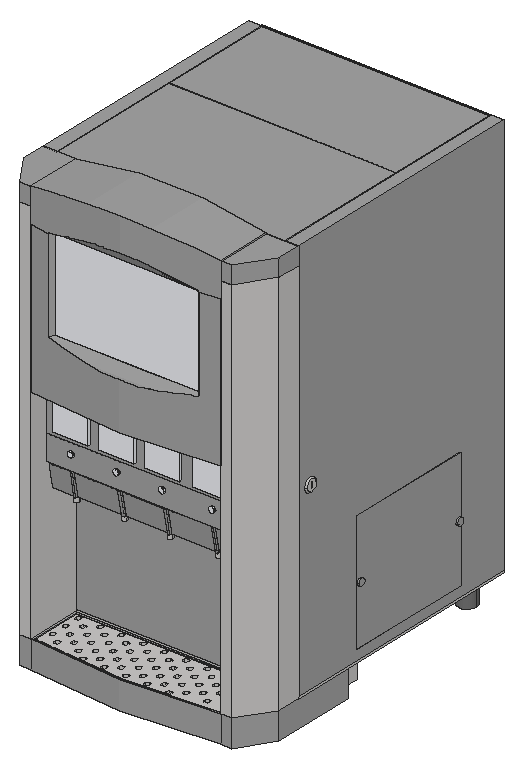
Revit family "QF_ELECTROLUXPROFESSIONAL_560057_FJUICEUK", category Specialty Equipment, Revit 2018
Family settings
  Round Connector Dimension = Use Diameter
  Part Type = Normal
  Work Plane-Based = No
  Always vertical = Yes
  Cut with Voids When Loaded = No
  Shared = No
  Room Calculation Point = No
Parameters (values of type "QF_ELECTROLUX_560057_FJUICEUK.rfa")
  Weight = 50.00 kg
  Watts = 0 W
  Volts = 230 V
  URL Manufacturer = "http://professional.electrolux.com"
  URL = "http://professional.electrolux.com"
  Steam Supply Size = 0 mm
  Steam Supply Minimum Pressure = 0.0 Pa
  Steam Supply Maximum Pressure = 0.0 Pa
  Steam Pounds per Hour = 0
  Refrigeration Suction Line Size = 0 mm
  Refrigeration Liquid Line Size = 0 mm
  Refrigerant Compressor Remote = yes
  Manufacturer = "Electrolux"
  Phase = 1
  Model = "FJUICEUK"
  Length Actual = 475 mm  # constant formula
  Item Number = "560057"
  Hot Water Size = 0 mm
  Height Actual = 820 mm  # constant formula
  HP = "0.7 HP"
  Gas Size = 0 mm
  Gas KW = 0
  Gas Input Pressure = 0 W
  Direct Waste Size = 0 mm
  Description = "LIQUID CONCENTRATE DISPENSER - UK"
  Depth Actual = 600 mm  # constant formula
  Cycle = 50 Hz
  Condensate Return Size = 0 mm
  Compressed Air Volume = 0.0 L/s
  Compressed Air Size = 0 mm
  Compressed Air Pressure = 0.0 Pa
  Cold Water Size = 0 mm
  Accessory = yes
Reference planes
  plane 1 "Center (Front/Back)": y = 0
  plane 2: z = 0
  plane 3 "Center (Left/Right)": x = 0
  plane 4 "BASE": z = 51
  plane 5 "TOP": z = 826
  plane 6 "FRONT": y = -299
  plane 7 "BACK": y = 299
  plane 8 "LEFT": x = -237.5
  plane 9 "RIGHT": x = 237.5
  plane 10: z = 806
Forms (mm)
  Extrusion 1, solid, material "QF_Finishes_Stainless Steel"
    sketch origin (0, 0, 51) x (-1, 0, 0) y (0, -1, 0)
      loop
        line (237.5, -299) -> (237.5, 179) -> (-237.5, 179) -> (-237.5, -299) -> (237.5, -299)
    from 0 to 3
  Extrusion 2, solid, material "QF_Finishes_Rubber Black"
    sketch origin (20.5, 0, 51) x (-1, 0, 0) y (0, -1, 0)
      loop
        circle (216.5, -266) r 17
    from 0 to -51
  Extrusion 3, solid, material "QF_Finishes_Rubber Black"
    sketch origin (-20.5, 0, 51) x (1, 0, 0) y (0, 1, 0)
      loop
        circle (216.5, 266) r 17
    from 0 to -51
  Extrusion 4, solid, material "QF_Finishes_Stainless Steel"
    sketch origin (0, 0, 51) x (-1, 0, 0) y (0, -1, 0)
      loop
        line (-215, 15) -> (215, 15) -> (215, 40)
        arc (215, 40) -> (207.678, 57.678) -> (190, 65) r 25
        line (190, 65) -> (-190, 65)
        arc (-190, 65) -> (-207.678, 57.678) -> (-215, 40) r 25
        line (-215, 40) -> (-215, 15)
    from -48 to 0
  Extrusion 5, solid, material "QF_Finishes_Rubber Black"
    sketch origin (0, 0, 51) x (-1, 0, 0) y (0, -1, 0)
      loop
        circle (190, 40) r 15
      loop
        circle (-190, 40) r 15
    from -51 to -48
  Extrusion 6, solid, material "QF_Finishes_Gray"
    sketch origin (0, -299, 0) x (-1, 0, 0) y (0, 0, 1)
      loop
        arc (177.5, 806.558) -> (0, 826) -> (-177.5, 806.558) r 820
        line (-177.5, 806.558) -> (-177.5, 463.74) -> (177.5, 463.74) -> (177.5, 806.558)
    from 120 to 0
  Extrusion 7, solid, material "QF_Finishes_Stainless Steel"
    sketch origin (0, 0, 51) x (-1, 0, 0) y (0, -1, 0)
      loop
        line (177.5, 179) -> (237.5, 179) -> (237.5, 224) -> (197.5, 284) -> (177.5, 284) -> (177.5, 179)
      loop
        line (-177.5, 179) -> (-177.5, 284) -> (-197.5, 284) -> (-237.5, 224) -> (-237.5, 179) -> (-177.5, 179)
    from 0 to 722.667
  Extrusion 8, solid, material "QF_Finishes_Gray"
    sketch origin (0, 0, 51) x (-1, 0, 0) y (0, -1, 0)
      loop
        line (237.5, 65) -> (237.5, 224) -> (197.5, 284) -> (177.5, 284)
        arc (177.5, 284) -> (0, 299) -> (-177.5, 284) r 1057.708
        line (-177.5, 284) -> (-197.5, 284) -> (-237.5, 224) -> (-237.5, 65) -> (237.5, 65)
    from 0 to -51
  Extrusion 9, solid, material "QF_Finishes_Gray"
    sketch origin (0, 0, 51) x (-1, 0, 0) y (0, -1, 0)
      loop
        line (237.5, 179) -> (212.5, 179) -> (212.5, -299) -> (237.5, -299) -> (237.5, 179)
      loop
        line (-237.5, 179) -> (-237.5, -299) -> (-212.5, -299) -> (-212.5, 179) -> (-237.5, 179)
    from 0 to 755
  Extrusion 10, solid, material "QF_Finishes_Gray"
    sketch origin (0, 0, 51) x (-1, 0, 0) y (0, -1, 0)
      loop
        line (212.5, 179) -> (-212.5, 179) -> (-212.5, -81.026) -> (212.5, -81.026) -> (212.5, 179)
    from 0 to 755
  Extrusion 11, solid, material "QF_Finishes_Gray"
    sketch origin (0, 0, 51) x (-1, 0, 0) y (0, -1, 0)
      loop
        line (212.5, -81.026) -> (-212.5, -81.026) -> (-212.5, -297.4) -> (212.5, -297.4) -> (212.5, -81.026)
    from 0 to 755
  Blend 12, void
    base sketch origin (0, -299, 0) x (-1, 0, 0) y (0, 0, 1)
      loop
        arc (150.321, 747.553) -> (0, 763.699) -> (-150.321, 747.553) r 707.814
        line (-150.321, 747.553) -> (-150.321, 567.553)
        arc (-150.321, 567.553) -> (0, 551.407) -> (150.321, 567.553) r 707.814
        line (150.321, 567.553) -> (150.321, 747.553)
    top sketch origin (0, -299, 0) x (-1, 0, 0) y (0, 0, 1)
      loop
        line (133.241, 743.378) -> (-133.241, 743.378) -> (-133.241, 573.378) -> (133.241, 573.378) -> (133.241, 743.378)
    from 0 to 15
  Extrusion 13, void
    sketch origin (0, 0, 51) x (-1, 0, 0) y (0, -1, 0)
      loop
        line (197.5, 284) -> (197.5, 304) -> (-197.5, 304) -> (-197.5, 284) -> (-177.5, 284)
        arc (-177.5, 284) -> (0, 299) -> (177.5, 284) r 1057.708
        line (177.5, 284) -> (197.5, 284)
    from 412.74 to 692.378
  Extrusion 14, void
    sketch origin (0, 0, 51) x (-1, 0, 0) y (0, -1, 0)
      loop
        line (197.5, 284) -> (197.5, 304) -> (-197.5, 304) -> (-197.5, 284) -> (-177.5, 284)
        arc (-177.5, 284) -> (0, 299) -> (177.5, 284) r 1057.708
        line (177.5, 284) -> (197.5, 284)
    from 692.378 to 778.831
  Extrusion 15, solid, material "QF_Finishes_Gray"
    sketch origin (0, 0, 51) x (-1, 0, 0) y (0, -1, 0)
      loop
        line (177.5, 179) -> (237.5, 179) -> (237.5, 224) -> (197.5, 284) -> (177.5, 284) -> (177.5, 179)
      loop
        line (-177.5, 179) -> (-177.5, 284) -> (-197.5, 284) -> (-237.5, 224) -> (-237.5, 179) -> (-177.5, 179)
    from 722.667 to 755
  Extrusion 16, solid, material "QF_Finishes_White"
    sketch origin (0, -299, 0) x (-1, 0, 0) y (0, 0, 1)
      loop
        line (160, 463.74) -> (95, 463.74) -> (95, 388.74) -> (160, 388.74) -> (160, 463.74)
      loop
        line (75, 463.74) -> (10, 463.74) -> (10, 388.74) -> (75, 388.74) -> (75, 463.74)
      loop
        line (-165, 463.74) -> (-165, 388.74) -> (-100, 388.74) -> (-100, 463.74) -> (-165, 463.74)
      loop
        line (-75, 463.74) -> (-75, 388.74) -> (-10, 388.74) -> (-10, 463.74) -> (-75, 463.74)
    from 46.042 to 50.196
  Extrusion 17, solid, material "QF_Finishes_Gray"
    sketch origin (0, -299, 0) x (-1, 0, 0) y (0, 0, 1)
      loop
        line (177.5, 379.969) -> (-177.5, 379.969) -> (-177.5, 332.289) -> (177.5, 332.289) -> (177.5, 379.969)
    from 50.196 to 75
  Extrusion 18, solid, material "QF_Finishes_Gray"
    sketch origin (0, -299, 0) x (-1, 0, 0) y (0, 0, 1)
      loop
        line (177.5, 463.74) -> (-177.5, 463.74) -> (-177.5, 379.969) -> (177.5, 379.969) -> (177.5, 463.74)
    from 50.196 to 75
  Extrusion 19, solid, material "QF_Finishes_Gray"
    sketch origin (0, 0, 0) x (0, 1, 0) y (0, 0, 1)
      loop
        line (-246.08, 327.107) -> (-237.368, 282.289) -> (-231.177, 282.289) -> (-239.889, 327.107) -> (-246.08, 327.107)
    from -177.5 to 177.5
  Extrusion 20, void
    sketch origin (0, 0, 0) x (0, 1, 0) y (0, 0, 1)
      loop
        line (-246.08, 327.107) -> (-237.368, 282.289) -> (-234.273, 282.289) -> (-242.984, 327.107) -> (-246.08, 327.107)
    from -177.5 to -133.5
  Extrusion 21, void
    sketch origin (0, 0, 0) x (0, 1, 0) y (0, 0, 1)
      loop
        line (-246.08, 327.107) -> (-237.368, 282.289) -> (-234.273, 282.289) -> (-242.984, 327.107) -> (-246.08, 327.107)
    from -130 to -45
  Extrusion 22, void
    sketch origin (0, 0, 0) x (0, 1, 0) y (0, 0, 1)
      loop
        line (-246.08, 327.107) -> (-237.368, 282.289) -> (-234.273, 282.289) -> (-242.984, 327.107) -> (-246.08, 327.107)
    from -40 to 40
  Extrusion 23, void
    sketch origin (0, 0, 0) x (0, 1, 0) y (0, 0, -1)
      loop
        line (-246.08, -327.107) -> (-242.984, -327.107) -> (-234.273, -282.289) -> (-237.368, -282.289) -> (-246.08, -327.107)
    from -177.5 to -133.5
  Extrusion 24, void
    sketch origin (0, 0, 0) x (0, 1, 0) y (0, 0, -1)
      loop
        line (-246.08, -327.107) -> (-242.984, -327.107) -> (-234.273, -282.289) -> (-237.368, -282.289) -> (-246.08, -327.107)
    from -130 to -45
  Extrusion 25, solid, material "QF_Finishes_Stainless Steel"
    sketch origin (0, 8.712, 51) x (-1, 0, 0) y (0, -1, 0)
      loop
        circle (131.75, 241.724) r 4.356
      loop
        circle (42.5, 241.724) r 4.356
      loop
        circle (-42.5, 241.724) r 4.356
      loop
        circle (-131.75, 241.724) r 4.356
    from 223.9 to 231.289
  Extrusion 26, solid, material "QF_Finishes_White"
    sketch origin (0, -299, 0) x (-1, 0, 0) y (0, 0, 1)
      loop
        circle (130, 360.84) r 5
      loop
        circle (45, 360.84) r 5
      loop
        circle (-40, 360.84) r 5
      loop
        circle (-133.5, 360.84) r 5
    from 48 to 50.196
  Extrusion 27, void
    sketch origin (0, 0, 51) x (-1, 0, 0) y (0, -1, 0)
      loop
        arc (172.5, 279.771) -> (0, 294) -> (-172.5, 279.771) r 1052.708
        line (-172.5, 279.771) -> (-172.5, 184) -> (172.5, 184) -> (172.5, 279.771)
    from -37.34 to 6.091
  Extrusion 28, solid, material "QF_Finishes_Stainless Steel"
    sketch origin (0, 0, 51) x (-1, 0, 0) y (0, -1, 0)
      loop
        line (-172.5, 184) -> (172.5, 184) -> (172.5, 279.771)
        arc (172.5, 279.771) -> (0, 294) -> (-172.5, 279.771) r 1052.708
        line (-172.5, 279.771) -> (-172.5, 184)
    from 0 to -6.446
  Extrusion 29, solid, material "QF_Finishes_White"
    sketch origin (0, 0, 51) x (1, 0, 0) y (0, 1, 0)
      loop
        circle (-114.17, 0) r 12.35
    from 0 to -8.697
  Extrusion 30, solid, material "QF_Finishes_White"
    sketch origin (0, 0, 51) x (1, 0, 0) y (0, 1, 0)
      loop
        circle (-201.135, 230.454) r 12.35
    from 0 to -6.446
  Extrusion 31, void
    sketch origin (0, 0, 51) x (-1, 0, 0) y (0, -1, 0)
      loop
        circle (0, 193.846) r 5
      loop
        circle (0, 223.846) r 5
      loop
        circle (0, 253.846) r 5
      loop
        circle (0, 283.846) r 5
      loop
        circle (20, 208.846) r 5
      loop
        circle (20, 238.846) r 5
      loop
        circle (20, 268.846) r 5
      loop
        circle (40, 193.846) r 5
      loop
        circle (40, 223.846) r 5
      loop
        circle (40, 253.846) r 5
      loop
        circle (40, 283.846) r 5
      loop
        circle (60, 208.846) r 5
      loop
        circle (60, 238.846) r 5
      loop
        circle (60, 268.846) r 5
      loop
        circle (80, 193.846) r 5
      loop
        circle (80, 223.846) r 5
      loop
        circle (80, 253.846) r 5
      loop
        circle (80, 283.846) r 5
      loop
        circle (100, 208.846) r 5
      loop
        circle (100, 238.846) r 5
      loop
        circle (100, 268.846) r 5
      loop
        circle (120, 193.846) r 5
      loop
        circle (120, 223.846) r 5
      loop
        circle (120, 253.846) r 5
      loop
        circle (140, 208.846) r 5
      loop
        circle (140, 238.846) r 5
      loop
        circle (140, 268.846) r 5
      loop
        circle (160, 193.846) r 5
      loop
        circle (160, 223.846) r 5
      loop
        circle (160, 253.846) r 5
      loop
        circle (-20, 208.846) r 5
      loop
        circle (-20, 238.846) r 5
      loop
        circle (-20, 268.846) r 5
      loop
        circle (-40, 193.846) r 5
      loop
        circle (-40, 223.846) r 5
      loop
        circle (-40, 253.846) r 5
      loop
        circle (-40, 283.846) r 5
      loop
        circle (-60, 208.846) r 5
      loop
        circle (-60, 238.846) r 5
      loop
        circle (-60, 268.846) r 5
      loop
        circle (-80, 193.846) r 5
      loop
        circle (-80, 223.846) r 5
      loop
        circle (-80, 253.846) r 5
      loop
        circle (-80, 283.846) r 5
      loop
        circle (-100, 208.846) r 5
      loop
        circle (-100, 238.846) r 5
      loop
        circle (-100, 268.846) r 5
      loop
        circle (-120, 193.846) r 5
      loop
        circle (-120, 223.846) r 5
      loop
        circle (-120, 253.846) r 5
      loop
        circle (-140, 208.846) r 5
      loop
        circle (-140, 238.846) r 5
      loop
        circle (-140, 268.846) r 5
      loop
        circle (-160, 193.846) r 5
      loop
        circle (-160, 223.846) r 5
      loop
        circle (-160, 253.846) r 5
    from 9.385 to -11.176
  Extrusion 32, void
    sketch origin (237.5, 0, -51) x (0, -1, 0) y (0, 0, 1)
      loop
        line (45.034, 348.252) -> (-199.966, 348.252) -> (-199.966, 123.252) -> (45.034, 123.252) -> (45.034, 348.252)
      loop
        line (43.434, 346.652) -> (-198.366, 346.652) -> (-198.366, 124.852) -> (43.434, 124.852) -> (43.434, 346.652)
    from -6.226 to 8.2
  Extrusion 33, solid, material "QF_Finishes_Gray"
    sketch origin (237.5, 0, -51) x (0, -1, 0) y (0, 0, 1)
      loop
        circle (-192.465, 235.752) r 6
      loop
        circle (37.534, 235.752) r 6
    from 0 to -5
  Blend 34, solid, material "QF_Finishes_Stainless Steel"
    base sketch origin (237.5, 0, 0) x (0, -1, 0) y (0, 0, 1)
      loop
        circle (152.889, 397.101) r 13.016
    top sketch origin (237.5, 0, 0) x (0, -1, 0) y (0, 0, 1)
      loop
        circle (152.889, 397.101) r 10
    from 0 to -4.011
  Extrusion 35, void
    sketch origin (237.5, 0, 0) x (0, -1, 0) y (0, 0, 1)
      loop
        line (154.889, 402.787) -> (150.889, 402.787) -> (150.889, 391.193) -> (154.889, 391.193) -> (154.889, 402.787)
    from -2.2 to -4.011
  Extrusion 36, solid, material "QF_Finishes_Gray"
    sketch origin (-237.5, 0, 0) x (0, 1, 0) y (0, 0, 1)
      loop
        circle (170.375, 686.024) r 22.027
      loop
        circle (170.375, 686.024) r 17.998
    from 0 to -5
  Extrusion 37, solid, material "QF_Finishes_Stainless Steel"
    sketch origin (-237.5, 0, 0) x (0, 1, 0) y (0, 0, 1)
      loop
        line (192.276, 765.934) -> (142.276, 765.934) -> (142.276, 735.934) -> (192.276, 735.934) -> (192.276, 765.934)
    from 0 to -5
  Extrusion 38, solid, material "QF_Finishes_White"
    sketch origin (-237.5, 0, 0) x (0, 1, 0) y (0, 0, 1)
      loop
        circle (170.375, 686.024) r 17.998
    from -3 to 0
  Extrusion 39, solid, material "QF_Finishes_Gray"
    sketch origin (0, 0, 0) x (1, 0, 0) y (0, 0, 1)
      loop
        circle (0, 18.968) r 15.968
      loop
        circle (0, 18.968) r 10
    from 11.935 to 15
  Extrusion 40, solid, material "QF_Finishes_Gray"
    sketch origin (0, 0, 51) x (-1, 0, 0) y (0, -1, 0)
      loop
        line (212.5, -299) -> (212.5, -297.4) -> (-212.5, -297.4) -> (-212.5, -299) -> (212.5, -299)
    from 0 to 755.558
Cuts and joins
  Blend 12, Extrusion 13, Extrusion 14, Extrusion 27 cuts Extrusion 6
  Extrusion 13, Extrusion 14, Extrusion 20, Extrusion 21, Extrusion 23 cuts Extrusion 7
  Extrusion 20, Extrusion 27, Extrusion 31 cuts Extrusion 17
  Extrusion 20, Extrusion 21, Extrusion 22, Extrusion 23, Extrusion 24, Extrusion 27, Extrusion 31 cuts Extrusion 19
  Extrusion 27 cuts Extrusion 8
  Extrusion 27 cuts Extrusion 16
  Extrusion 27, Extrusion 31 cuts Extrusion 18
  Extrusion 27 cuts Extrusion 25
  Extrusion 27 cuts Extrusion 26
  Extrusion 31 cuts Extrusion 28
  Extrusion 32, Extrusion 35 cuts Extrusion 9
  Extrusion 32 cuts Extrusion 10
  Extrusion 32 cuts Extrusion 11
  Extrusion 35 cuts Blend 34
Lines and regions (mm)
  Split face 1
    outline origin (-237.5, -179, 51) x (0, 1, 0) y (0, 0, -1)
      loop
        line (447.915, -247.198) -> (372.915, -247.198) -> (375.415, -252.198) -> (445.415, -252.198) -> (447.915, -247.198)
  Split face 2
    outline origin (-237.5, -269, 51) x (0, 1, 0) y (0, 0, -1)
      loop
        line (447.915, -247.198) -> (372.915, -247.198) -> (375.415, -252.198) -> (445.415, -252.198) -> (447.915, -247.198)
  Split face 3
    outline origin (-237.5, -359, 51) x (0, 1, 0) y (0, 0, -1)
      loop
        line (447.915, -247.198) -> (372.915, -247.198) -> (375.415, -252.198) -> (445.415, -252.198) -> (447.915, -247.198)
  Split face 4
    outline origin (-237.5, -179, 41) x (0, 1, 0) y (0, 0, -1)
      loop
        line (447.915, -247.198) -> (372.915, -247.198) -> (375.415, -252.198) -> (445.415, -252.198) -> (447.915, -247.198)
  Split face 5
    outline origin (-237.5, -269, 41) x (0, 1, 0) y (0, 0, -1)
      loop
        line (447.915, -247.198) -> (372.915, -247.198) -> (375.415, -252.198) -> (445.415, -252.198) -> (447.915, -247.198)
  Split face 6
    outline origin (-237.5, -359, 41) x (0, 1, 0) y (0, 0, -1)
      loop
        line (447.915, -247.198) -> (372.915, -247.198) -> (375.415, -252.198) -> (445.415, -252.198) -> (447.915, -247.198)
  Split face 7
    outline origin (-237.5, -179, 31) x (0, 1, 0) y (0, 0, -1)
      loop
        line (447.915, -247.198) -> (372.915, -247.198) -> (375.415, -252.198) -> (445.415, -252.198) -> (447.915, -247.198)
  Split face 8
    outline origin (-237.5, -269, 31) x (0, 1, 0) y (0, 0, -1)
      loop
        line (447.915, -247.198) -> (372.915, -247.198) -> (375.415, -252.198) -> (445.415, -252.198) -> (447.915, -247.198)
  Split face 9
    outline origin (-237.5, -359, 31) x (0, 1, 0) y (0, 0, -1)
      loop
        line (447.915, -247.198) -> (372.915, -247.198) -> (375.415, -252.198) -> (445.415, -252.198) -> (447.915, -247.198)
  Split face 10
    outline origin (-237.5, -179, 21) x (0, 1, 0) y (0, 0, -1)
      loop
        line (447.915, -247.198) -> (372.915, -247.198) -> (375.415, -252.198) -> (445.415, -252.198) -> (447.915, -247.198)
  Split face 11
    outline origin (-237.5, -269, 21) x (0, 1, 0) y (0, 0, -1)
      loop
        line (447.915, -247.198) -> (372.915, -247.198) -> (375.415, -252.198) -> (445.415, -252.198) -> (447.915, -247.198)
  Split face 12
    outline origin (-237.5, -359, 21) x (0, 1, 0) y (0, 0, -1)
      loop
        line (447.915, -247.198) -> (372.915, -247.198) -> (375.415, -252.198) -> (445.415, -252.198) -> (447.915, -247.198)
  Split face 13
    outline origin (-237.5, -179, 11) x (0, 1, 0) y (0, 0, -1)
      loop
        line (447.915, -247.198) -> (372.915, -247.198) -> (375.415, -252.198) -> (445.415, -252.198) -> (447.915, -247.198)
  Split face 14
    outline origin (-237.5, -269, 11) x (0, 1, 0) y (0, 0, -1)
      loop
        line (447.915, -247.198) -> (372.915, -247.198) -> (375.415, -252.198) -> (445.415, -252.198) -> (447.915, -247.198)
  Split face 15
    outline origin (-237.5, -359, 11) x (0, 1, 0) y (0, 0, -1)
      loop
        line (447.915, -247.198) -> (372.915, -247.198) -> (375.415, -252.198) -> (445.415, -252.198) -> (447.915, -247.198)
  Split face 16
    outline origin (-237.5, -179, 1) x (0, 1, 0) y (0, 0, -1)
      loop
        line (447.915, -247.198) -> (372.915, -247.198) -> (375.415, -252.198) -> (445.415, -252.198) -> (447.915, -247.198)
  Split face 17
    outline origin (-237.5, -269, 1) x (0, 1, 0) y (0, 0, -1)
      loop
        line (447.915, -247.198) -> (372.915, -247.198) -> (375.415, -252.198) -> (445.415, -252.198) -> (447.915, -247.198)
  Split face 18
    outline origin (-237.5, -359, 1) x (0, 1, 0) y (0, 0, -1)
      loop
        line (447.915, -247.198) -> (372.915, -247.198) -> (375.415, -252.198) -> (445.415, -252.198) -> (447.915, -247.198)
  Split face 19
    outline origin (-237.5, -179, -9) x (0, 1, 0) y (0, 0, -1)
      loop
        line (447.915, -247.198) -> (372.915, -247.198) -> (375.415, -252.198) -> (445.415, -252.198) -> (447.915, -247.198)
  Split face 20
    outline origin (-237.5, -269, -9) x (0, 1, 0) y (0, 0, -1)
      loop
        line (447.915, -247.198) -> (372.915, -247.198) -> (375.415, -252.198) -> (445.415, -252.198) -> (447.915, -247.198)
  Split face 21
    outline origin (-237.5, -359, -9) x (0, 1, 0) y (0, 0, -1)
      loop
        line (447.915, -247.198) -> (372.915, -247.198) -> (375.415, -252.198) -> (445.415, -252.198) -> (447.915, -247.198)
  Split face 22
    outline origin (-237.5, -179, -19) x (0, 1, 0) y (0, 0, -1)
      loop
        line (447.915, -247.198) -> (372.915, -247.198) -> (375.415, -252.198) -> (445.415, -252.198) -> (447.915, -247.198)
  Split face 23
    outline origin (-237.5, -269, -19) x (0, 1, 0) y (0, 0, -1)
      loop
        line (447.915, -247.198) -> (372.915, -247.198) -> (375.415, -252.198) -> (445.415, -252.198) -> (447.915, -247.198)
  Split face 24
    outline origin (-237.5, -359, -19) x (0, 1, 0) y (0, 0, -1)
      loop
        line (447.915, -247.198) -> (372.915, -247.198) -> (375.415, -252.198) -> (445.415, -252.198) -> (447.915, -247.198)
  Split face 25
    outline origin (-237.5, -179, -29) x (0, 1, 0) y (0, 0, -1)
      loop
        line (447.915, -247.198) -> (372.915, -247.198) -> (375.415, -252.198) -> (445.415, -252.198) -> (447.915, -247.198)
  Split face 26
    outline origin (-237.5, -269, -29) x (0, 1, 0) y (0, 0, -1)
      loop
        line (447.915, -247.198) -> (372.915, -247.198) -> (375.415, -252.198) -> (445.415, -252.198) -> (447.915, -247.198)
  Split face 27
    outline origin (-237.5, -359, -29) x (0, 1, 0) y (0, 0, -1)
      loop
        line (447.915, -247.198) -> (372.915, -247.198) -> (375.415, -252.198) -> (445.415, -252.198) -> (447.915, -247.198)
  Split face 28
    outline origin (-237.5, -179, -39) x (0, 1, 0) y (0, 0, -1)
      loop
        line (447.915, -247.198) -> (372.915, -247.198) -> (375.415, -252.198) -> (445.415, -252.198) -> (447.915, -247.198)
  Split face 29
    outline origin (-237.5, -269, -39) x (0, 1, 0) y (0, 0, -1)
      loop
        line (447.915, -247.198) -> (372.915, -247.198) -> (375.415, -252.198) -> (445.415, -252.198) -> (447.915, -247.198)
  Split face 30
    outline origin (-237.5, -359, -39) x (0, 1, 0) y (0, 0, -1)
      loop
        line (447.915, -247.198) -> (372.915, -247.198) -> (375.415, -252.198) -> (445.415, -252.198) -> (447.915, -247.198)
  Split face 31
    outline origin (-237.5, -179, -49) x (0, 1, 0) y (0, 0, -1)
      loop
        line (447.915, -247.198) -> (372.915, -247.198) -> (375.415, -252.198) -> (445.415, -252.198) -> (447.915, -247.198)
  Split face 32
    outline origin (-237.5, -269, -49) x (0, 1, 0) y (0, 0, -1)
      loop
        line (447.915, -247.198) -> (372.915, -247.198) -> (375.415, -252.198) -> (445.415, -252.198) -> (447.915, -247.198)
  Split face 33
    outline origin (-237.5, -359, -49) x (0, 1, 0) y (0, 0, -1)
      loop
        line (447.915, -247.198) -> (372.915, -247.198) -> (375.415, -252.198) -> (445.415, -252.198) -> (447.915, -247.198)
  Split face 34
    outline origin (-237.5, -179, -59) x (0, 1, 0) y (0, 0, -1)
      loop
        line (447.915, -247.198) -> (372.915, -247.198) -> (375.415, -252.198) -> (445.415, -252.198) -> (447.915, -247.198)
  Split face 35
    outline origin (-237.5, -269, -59) x (0, 1, 0) y (0, 0, -1)
      loop
        line (447.915, -247.198) -> (372.915, -247.198) -> (375.415, -252.198) -> (445.415, -252.198) -> (447.915, -247.198)
  Split face 36
    outline origin (-237.5, -359, -59) x (0, 1, 0) y (0, 0, -1)
      loop
        line (447.915, -247.198) -> (372.915, -247.198) -> (375.415, -252.198) -> (445.415, -252.198) -> (447.915, -247.198)
  Split face 37
    outline origin (-237.5, -179, -69) x (0, 1, 0) y (0, 0, -1)
      loop
        line (447.915, -247.198) -> (372.915, -247.198) -> (375.415, -252.198) -> (445.415, -252.198) -> (447.915, -247.198)
  Split face 38
    outline origin (-237.5, -269, -69) x (0, 1, 0) y (0, 0, -1)
      loop
        line (447.915, -247.198) -> (372.915, -247.198) -> (375.415, -252.198) -> (445.415, -252.198) -> (447.915, -247.198)
  Split face 39
    outline origin (-237.5, -359, -69) x (0, 1, 0) y (0, 0, -1)
      loop
        line (447.915, -247.198) -> (372.915, -247.198) -> (375.415, -252.198) -> (445.415, -252.198) -> (447.915, -247.198)
  Split face 40
    outline origin (-237.5, -179, -79) x (0, 1, 0) y (0, 0, -1)
      loop
        line (447.915, -247.198) -> (372.915, -247.198) -> (375.415, -252.198) -> (445.415, -252.198) -> (447.915, -247.198)
  Split face 41
    outline origin (-237.5, -269, -79) x (0, 1, 0) y (0, 0, -1)
      loop
        line (447.915, -247.198) -> (372.915, -247.198) -> (375.415, -252.198) -> (445.415, -252.198) -> (447.915, -247.198)
  Split face 42
    outline origin (-237.5, -359, -79) x (0, 1, 0) y (0, 0, -1)
      loop
        line (447.915, -247.198) -> (372.915, -247.198) -> (375.415, -252.198) -> (445.415, -252.198) -> (447.915, -247.198)
  Split face 43
    outline origin (-237.5, -179, -89) x (0, 1, 0) y (0, 0, -1)
      loop
        line (447.915, -247.198) -> (372.915, -247.198) -> (375.415, -252.198) -> (445.415, -252.198) -> (447.915, -247.198)
  Split face 44
    outline origin (-237.5, -269, -89) x (0, 1, 0) y (0, 0, -1)
      loop
        line (447.915, -247.198) -> (372.915, -247.198) -> (375.415, -252.198) -> (445.415, -252.198) -> (447.915, -247.198)
  Split face 45
    outline origin (-237.5, -359, -89) x (0, 1, 0) y (0, 0, -1)
      loop
        line (447.915, -247.198) -> (372.915, -247.198) -> (375.415, -252.198) -> (445.415, -252.198) -> (447.915, -247.198)
  Split face 46
    outline origin (-237.5, -179, -99) x (0, 1, 0) y (0, 0, -1)
      loop
        line (447.915, -247.198) -> (372.915, -247.198) -> (375.415, -252.198) -> (445.415, -252.198) -> (447.915, -247.198)
  Split face 47
    outline origin (-237.5, -269, -99) x (0, 1, 0) y (0, 0, -1)
      loop
        line (447.915, -247.198) -> (372.915, -247.198) -> (375.415, -252.198) -> (445.415, -252.198) -> (447.915, -247.198)
  Split face 48
    outline origin (-237.5, -359, -99) x (0, 1, 0) y (0, 0, -1)
      loop
        line (447.915, -247.198) -> (372.915, -247.198) -> (375.415, -252.198) -> (445.415, -252.198) -> (447.915, -247.198)
  Split face 49
    outline origin (-237.5, -179, -109) x (0, 1, 0) y (0, 0, -1)
      loop
        line (447.915, -247.198) -> (372.915, -247.198) -> (375.415, -252.198) -> (445.415, -252.198) -> (447.915, -247.198)
  Split face 50
    outline origin (-237.5, -269, -109) x (0, 1, 0) y (0, 0, -1)
      loop
        line (447.915, -247.198) -> (372.915, -247.198) -> (375.415, -252.198) -> (445.415, -252.198) -> (447.915, -247.198)
  Split face 51
    outline origin (-237.5, -359, -109) x (0, 1, 0) y (0, 0, -1)
      loop
        line (447.915, -247.198) -> (372.915, -247.198) -> (375.415, -252.198) -> (445.415, -252.198) -> (447.915, -247.198)
  Split face 52
    outline origin (-237.5, -179, -119) x (0, 1, 0) y (0, 0, -1)
      loop
        line (447.915, -247.198) -> (372.915, -247.198) -> (375.415, -252.198) -> (445.415, -252.198) -> (447.915, -247.198)
  Split face 53
    outline origin (-237.5, -269, -119) x (0, 1, 0) y (0, 0, -1)
      loop
        line (447.915, -247.198) -> (372.915, -247.198) -> (375.415, -252.198) -> (445.415, -252.198) -> (447.915, -247.198)
  Split face 54
    outline origin (-237.5, -359, -119) x (0, 1, 0) y (0, 0, -1)
      loop
        line (447.915, -247.198) -> (372.915, -247.198) -> (375.415, -252.198) -> (445.415, -252.198) -> (447.915, -247.198)
  Split face 55
    outline origin (-237.5, -179, -129) x (0, 1, 0) y (0, 0, -1)
      loop
        line (447.915, -247.198) -> (372.915, -247.198) -> (375.415, -252.198) -> (445.415, -252.198) -> (447.915, -247.198)
  Split face 56
    outline origin (-237.5, -269, -129) x (0, 1, 0) y (0, 0, -1)
      loop
        line (447.915, -247.198) -> (372.915, -247.198) -> (375.415, -252.198) -> (445.415, -252.198) -> (447.915, -247.198)
  Split face 57
    outline origin (-237.5, -359, -129) x (0, 1, 0) y (0, 0, -1)
      loop
        line (447.915, -247.198) -> (372.915, -247.198) -> (375.415, -252.198) -> (445.415, -252.198) -> (447.915, -247.198)
  Split face 58
    outline origin (-237.5, -179, -139) x (0, 1, 0) y (0, 0, -1)
      loop
        line (447.915, -247.198) -> (372.915, -247.198) -> (375.415, -252.198) -> (445.415, -252.198) -> (447.915, -247.198)
  Split face 59
    outline origin (-237.5, -269, -139) x (0, 1, 0) y (0, 0, -1)
      loop
        line (447.915, -247.198) -> (372.915, -247.198) -> (375.415, -252.198) -> (445.415, -252.198) -> (447.915, -247.198)
  Split face 60
    outline origin (-237.5, -359, -139) x (0, 1, 0) y (0, 0, -1)
      loop
        line (447.915, -247.198) -> (372.915, -247.198) -> (375.415, -252.198) -> (445.415, -252.198) -> (447.915, -247.198)
  Split face 61
    outline origin (-237.5, -179, -149) x (0, 1, 0) y (0, 0, -1)
      loop
        line (447.915, -247.198) -> (372.915, -247.198) -> (375.415, -252.198) -> (445.415, -252.198) -> (447.915, -247.198)
  Split face 62
    outline origin (-237.5, -269, -149) x (0, 1, 0) y (0, 0, -1)
      loop
        line (447.915, -247.198) -> (372.915, -247.198) -> (375.415, -252.198) -> (445.415, -252.198) -> (447.915, -247.198)
  Split face 63
    outline origin (-237.5, -359, -149) x (0, 1, 0) y (0, 0, -1)
      loop
        line (447.915, -247.198) -> (372.915, -247.198) -> (375.415, -252.198) -> (445.415, -252.198) -> (447.915, -247.198)
  Split face 64
    outline origin (-237.5, -179, -159) x (0, 1, 0) y (0, 0, -1)
      loop
        line (447.915, -247.198) -> (372.915, -247.198) -> (375.415, -252.198) -> (445.415, -252.198) -> (447.915, -247.198)
  Split face 65
    outline origin (-237.5, -269, -159) x (0, 1, 0) y (0, 0, -1)
      loop
        line (447.915, -247.198) -> (372.915, -247.198) -> (375.415, -252.198) -> (445.415, -252.198) -> (447.915, -247.198)
  Split face 66
    outline origin (-237.5, -359, -159) x (0, 1, 0) y (0, 0, -1)
      loop
        line (447.915, -247.198) -> (372.915, -247.198) -> (375.415, -252.198) -> (445.415, -252.198) -> (447.915, -247.198)
  Split face 67
    outline origin (-237.5, -179, -169) x (0, 1, 0) y (0, 0, -1)
      loop
        line (447.915, -247.198) -> (372.915, -247.198) -> (375.415, -252.198) -> (445.415, -252.198) -> (447.915, -247.198)
  Split face 68
    outline origin (-237.5, -269, -169) x (0, 1, 0) y (0, 0, -1)
      loop
        line (447.915, -247.198) -> (372.915, -247.198) -> (375.415, -252.198) -> (445.415, -252.198) -> (447.915, -247.198)
  Split face 69
    outline origin (-237.5, -359, -169) x (0, 1, 0) y (0, 0, -1)
      loop
        line (447.915, -247.198) -> (372.915, -247.198) -> (375.415, -252.198) -> (445.415, -252.198) -> (447.915, -247.198)
  Split face 70
    outline origin (237.5, 10, -51) x (0, -1, 0) y (0, 0, 1)
      loop
        line (30.137, 337.14) -> (23.898, 337.14) -> (23.898, 275.916) -> (30.137, 275.916) -> (30.137, 337.14)
  Split face 71
    outline origin (237.5, 20, -51) x (0, -1, 0) y (0, 0, 1)
      loop
        line (30.137, 337.14) -> (23.898, 337.14) -> (23.898, 275.916) -> (30.137, 275.916) -> (30.137, 337.14)
  Split face 72
    outline origin (237.5, 30, -51) x (0, -1, 0) y (0, 0, 1)
      loop
        line (30.137, 337.14) -> (23.898, 337.14) -> (23.898, 275.916) -> (30.137, 275.916) -> (30.137, 337.14)
  Split face 73
    outline origin (237.5, 40, -51) x (0, -1, 0) y (0, 0, 1)
      loop
        line (30.137, 337.14) -> (23.898, 337.14) -> (23.898, 275.916) -> (30.137, 275.916) -> (30.137, 337.14)
  Split face 74
    outline origin (237.5, 50, -51) x (0, -1, 0) y (0, 0, 1)
      loop
        line (30.137, 337.14) -> (23.898, 337.14) -> (23.898, 275.916) -> (30.137, 275.916) -> (30.137, 337.14)
  Split face 75
    outline origin (237.5, 60, -51) x (0, -1, 0) y (0, 0, 1)
      loop
        line (30.137, 337.14) -> (23.898, 337.14) -> (23.898, 275.916) -> (30.137, 275.916) -> (30.137, 337.14)
  Split face 76
    outline origin (237.5, 70, -51) x (0, -1, 0) y (0, 0, 1)
      loop
        line (30.137, 337.14) -> (23.898, 337.14) -> (23.898, 275.916) -> (30.137, 275.916) -> (30.137, 337.14)
  Split face 77
    outline origin (237.5, 80, -51) x (0, -1, 0) y (0, 0, 1)
      loop
        line (30.137, 337.14) -> (23.898, 337.14) -> (23.898, 275.916) -> (30.137, 275.916) -> (30.137, 337.14)
  Split face 78
    outline origin (237.5, 90, -51) x (0, -1, 0) y (0, 0, 1)
      loop
        line (30.137, 337.14) -> (23.898, 337.14) -> (23.898, 275.916) -> (30.137, 275.916) -> (30.137, 337.14)
  Split face 79
    outline origin (237.5, 100, -51) x (0, -1, 0) y (0, 0, 1)
      loop
        line (30.137, 337.14) -> (23.898, 337.14) -> (23.898, 275.916) -> (30.137, 275.916) -> (30.137, 337.14)
  Split face 80
    outline origin (237.5, 110, -51) x (0, -1, 0) y (0, 0, 1)
      loop
        line (30.137, 337.14) -> (23.898, 337.14) -> (23.898, 275.916) -> (30.137, 275.916) -> (30.137, 337.14)
  Split face 81
    outline origin (237.5, 120, -51) x (0, -1, 0) y (0, 0, 1)
      loop
        line (30.137, 337.14) -> (23.898, 337.14) -> (23.898, 275.916) -> (30.137, 275.916) -> (30.137, 337.14)
  Split face 82
    outline origin (237.5, 130, -51) x (0, -1, 0) y (0, 0, 1)
      loop
        line (30.137, 337.14) -> (23.898, 337.14) -> (23.898, 275.916) -> (30.137, 275.916) -> (30.137, 337.14)
  Split face 83
    outline origin (237.5, 140, -51) x (0, -1, 0) y (0, 0, 1)
      loop
        line (30.137, 337.14) -> (23.898, 337.14) -> (23.898, 275.916) -> (30.137, 275.916) -> (30.137, 337.14)
  Split face 84
    outline origin (237.5, 150, -51) x (0, -1, 0) y (0, 0, 1)
      loop
        line (30.137, 337.14) -> (23.898, 337.14) -> (23.898, 275.916) -> (30.137, 275.916) -> (30.137, 337.14)
  Split face 85
    outline origin (237.5, 160, -51) x (0, -1, 0) y (0, 0, 1)
      loop
        line (30.137, 337.14) -> (23.898, 337.14) -> (23.898, 275.916) -> (30.137, 275.916) -> (30.137, 337.14)
  Split face 86
    outline origin (237.5, 170, -51) x (0, -1, 0) y (0, 0, 1)
      loop
        line (30.137, 337.14) -> (23.898, 337.14) -> (23.898, 275.916) -> (30.137, 275.916) -> (30.137, 337.14)
  Split face 87
    outline origin (237.5, 180, -51) x (0, -1, 0) y (0, 0, 1)
      loop
        line (30.137, 337.14) -> (23.898, 337.14) -> (23.898, 275.916) -> (30.137, 275.916) -> (30.137, 337.14)
  Split face 88
    outline origin (237.5, 190, -51) x (0, -1, 0) y (0, 0, 1)
      loop
        line (30.137, 337.14) -> (23.898, 337.14) -> (23.898, 275.916) -> (30.137, 275.916) -> (30.137, 337.14)
  Split face 89
    outline origin (237.5, 200, -51) x (0, -1, 0) y (0, 0, 1)
      loop
        line (30.137, 337.14) -> (23.898, 337.14) -> (23.898, 275.916) -> (30.137, 275.916) -> (30.137, 337.14)
  Split face 90
    outline origin (237.5, 210, -51) x (0, -1, 0) y (0, 0, 1)
      loop
        line (30.137, 337.14) -> (23.898, 337.14) -> (23.898, 275.916) -> (30.137, 275.916) -> (30.137, 337.14)
  Split face 91
    outline origin (237.5, 0, -121) x (0, -1, 0) y (0, 0, 1)
      loop
        line (30.137, 337.14) -> (23.898, 337.14) -> (23.898, 275.916) -> (30.137, 275.916) -> (30.137, 337.14)
  Split face 92
    outline origin (237.5, 10, -121) x (0, -1, 0) y (0, 0, 1)
      loop
        line (30.137, 337.14) -> (23.898, 337.14) -> (23.898, 275.916) -> (30.137, 275.916) -> (30.137, 337.14)
  Split face 93
    outline origin (237.5, 20, -121) x (0, -1, 0) y (0, 0, 1)
      loop
        line (30.137, 337.14) -> (23.898, 337.14) -> (23.898, 275.916) -> (30.137, 275.916) -> (30.137, 337.14)
  Split face 94
    outline origin (237.5, 30, -121) x (0, -1, 0) y (0, 0, 1)
      loop
        line (30.137, 337.14) -> (23.898, 337.14) -> (23.898, 275.916) -> (30.137, 275.916) -> (30.137, 337.14)
  Split face 95
    outline origin (237.5, 40, -121) x (0, -1, 0) y (0, 0, 1)
      loop
        line (30.137, 337.14) -> (23.898, 337.14) -> (23.898, 275.916) -> (30.137, 275.916) -> (30.137, 337.14)
  Split face 96
    outline origin (237.5, 50, -121) x (0, -1, 0) y (0, 0, 1)
      loop
        line (30.137, 337.14) -> (23.898, 337.14) -> (23.898, 275.916) -> (30.137, 275.916) -> (30.137, 337.14)
  Split face 97
    outline origin (237.5, 60, -121) x (0, -1, 0) y (0, 0, 1)
      loop
        line (30.137, 337.14) -> (23.898, 337.14) -> (23.898, 275.916) -> (30.137, 275.916) -> (30.137, 337.14)
  Split face 98
    outline origin (237.5, 70, -121) x (0, -1, 0) y (0, 0, 1)
      loop
        line (30.137, 337.14) -> (23.898, 337.14) -> (23.898, 275.916) -> (30.137, 275.916) -> (30.137, 337.14)
  Split face 99
    outline origin (237.5, 80, -121) x (0, -1, 0) y (0, 0, 1)
      loop
        line (30.137, 337.14) -> (23.898, 337.14) -> (23.898, 275.916) -> (30.137, 275.916) -> (30.137, 337.14)
  Split face 100
    outline origin (237.5, 90, -121) x (0, -1, 0) y (0, 0, 1)
      loop
        line (30.137, 337.14) -> (23.898, 337.14) -> (23.898, 275.916) -> (30.137, 275.916) -> (30.137, 337.14)
  Split face 101
    outline origin (237.5, 100, -121) x (0, -1, 0) y (0, 0, 1)
      loop
        line (30.137, 337.14) -> (23.898, 337.14) -> (23.898, 275.916) -> (30.137, 275.916) -> (30.137, 337.14)
  Split face 102
    outline origin (237.5, 110, -121) x (0, -1, 0) y (0, 0, 1)
      loop
        line (30.137, 337.14) -> (23.898, 337.14) -> (23.898, 275.916) -> (30.137, 275.916) -> (30.137, 337.14)
  Split face 103
    outline origin (237.5, 120, -121) x (0, -1, 0) y (0, 0, 1)
      loop
        line (30.137, 337.14) -> (23.898, 337.14) -> (23.898, 275.916) -> (30.137, 275.916) -> (30.137, 337.14)
  Split face 104
    outline origin (237.5, 130, -121) x (0, -1, 0) y (0, 0, 1)
      loop
        line (30.137, 337.14) -> (23.898, 337.14) -> (23.898, 275.916) -> (30.137, 275.916) -> (30.137, 337.14)
  Split face 105
    outline origin (237.5, 140, -121) x (0, -1, 0) y (0, 0, 1)
      loop
        line (30.137, 337.14) -> (23.898, 337.14) -> (23.898, 275.916) -> (30.137, 275.916) -> (30.137, 337.14)
  Split face 106
    outline origin (237.5, 150, -121) x (0, -1, 0) y (0, 0, 1)
      loop
        line (30.137, 337.14) -> (23.898, 337.14) -> (23.898, 275.916) -> (30.137, 275.916) -> (30.137, 337.14)
  Split face 107
    outline origin (237.5, 160, -121) x (0, -1, 0) y (0, 0, 1)
      loop
        line (30.137, 337.14) -> (23.898, 337.14) -> (23.898, 275.916) -> (30.137, 275.916) -> (30.137, 337.14)
  Split face 108
    outline origin (237.5, 170, -121) x (0, -1, 0) y (0, 0, 1)
      loop
        line (30.137, 337.14) -> (23.898, 337.14) -> (23.898, 275.916) -> (30.137, 275.916) -> (30.137, 337.14)
  Split face 109
    outline origin (237.5, 180, -121) x (0, -1, 0) y (0, 0, 1)
      loop
        line (30.137, 337.14) -> (23.898, 337.14) -> (23.898, 275.916) -> (30.137, 275.916) -> (30.137, 337.14)
  Split face 110
    outline origin (237.5, 190, -121) x (0, -1, 0) y (0, 0, 1)
      loop
        line (30.137, 337.14) -> (23.898, 337.14) -> (23.898, 275.916) -> (30.137, 275.916) -> (30.137, 337.14)
  Split face 111
    outline origin (237.5, 200, -121) x (0, -1, 0) y (0, 0, 1)
      loop
        line (30.137, 337.14) -> (23.898, 337.14) -> (23.898, 275.916) -> (30.137, 275.916) -> (30.137, 337.14)
  Split face 112
    outline origin (237.5, 210, -121) x (0, -1, 0) y (0, 0, 1)
      loop
        line (30.137, 337.14) -> (23.898, 337.14) -> (23.898, 275.916) -> (30.137, 275.916) -> (30.137, 337.14)
  Split face 113
    outline origin (237.5, 0, -191) x (0, -1, 0) y (0, 0, 1)
      loop
        line (30.137, 337.14) -> (23.898, 337.14) -> (23.898, 275.916) -> (30.137, 275.916) -> (30.137, 337.14)
  Split face 114
    outline origin (237.5, 10, -191) x (0, -1, 0) y (0, 0, 1)
      loop
        line (30.137, 337.14) -> (23.898, 337.14) -> (23.898, 275.916) -> (30.137, 275.916) -> (30.137, 337.14)
  Split face 115
    outline origin (237.5, 20, -191) x (0, -1, 0) y (0, 0, 1)
      loop
        line (30.137, 337.14) -> (23.898, 337.14) -> (23.898, 275.916) -> (30.137, 275.916) -> (30.137, 337.14)
  Split face 116
    outline origin (237.5, 30, -191) x (0, -1, 0) y (0, 0, 1)
      loop
        line (30.137, 337.14) -> (23.898, 337.14) -> (23.898, 275.916) -> (30.137, 275.916) -> (30.137, 337.14)
  Split face 117
    outline origin (237.5, 40, -191) x (0, -1, 0) y (0, 0, 1)
      loop
        line (30.137, 337.14) -> (23.898, 337.14) -> (23.898, 275.916) -> (30.137, 275.916) -> (30.137, 337.14)
  Split face 118
    outline origin (237.5, 50, -191) x (0, -1, 0) y (0, 0, 1)
      loop
        line (30.137, 337.14) -> (23.898, 337.14) -> (23.898, 275.916) -> (30.137, 275.916) -> (30.137, 337.14)
  Split face 119
    outline origin (237.5, 60, -191) x (0, -1, 0) y (0, 0, 1)
      loop
        line (30.137, 337.14) -> (23.898, 337.14) -> (23.898, 275.916) -> (30.137, 275.916) -> (30.137, 337.14)
  Split face 120
    outline origin (237.5, 70, -191) x (0, -1, 0) y (0, 0, 1)
      loop
        line (30.137, 337.14) -> (23.898, 337.14) -> (23.898, 275.916) -> (30.137, 275.916) -> (30.137, 337.14)
  Split face 121
    outline origin (237.5, 80, -191) x (0, -1, 0) y (0, 0, 1)
      loop
        line (30.137, 337.14) -> (23.898, 337.14) -> (23.898, 275.916) -> (30.137, 275.916) -> (30.137, 337.14)
  Split face 122
    outline origin (237.5, 90, -191) x (0, -1, 0) y (0, 0, 1)
      loop
        line (30.137, 337.14) -> (23.898, 337.14) -> (23.898, 275.916) -> (30.137, 275.916) -> (30.137, 337.14)
  Split face 123
    outline origin (237.5, 100, -191) x (0, -1, 0) y (0, 0, 1)
      loop
        line (30.137, 337.14) -> (23.898, 337.14) -> (23.898, 275.916) -> (30.137, 275.916) -> (30.137, 337.14)
  Split face 124
    outline origin (237.5, 110, -191) x (0, -1, 0) y (0, 0, 1)
      loop
        line (30.137, 337.14) -> (23.898, 337.14) -> (23.898, 275.916) -> (30.137, 275.916) -> (30.137, 337.14)
  Split face 125
    outline origin (237.5, 120, -191) x (0, -1, 0) y (0, 0, 1)
      loop
        line (30.137, 337.14) -> (23.898, 337.14) -> (23.898, 275.916) -> (30.137, 275.916) -> (30.137, 337.14)
  Split face 126
    outline origin (237.5, 130, -191) x (0, -1, 0) y (0, 0, 1)
      loop
        line (30.137, 337.14) -> (23.898, 337.14) -> (23.898, 275.916) -> (30.137, 275.916) -> (30.137, 337.14)
  Split face 127
    outline origin (237.5, 140, -191) x (0, -1, 0) y (0, 0, 1)
      loop
        line (30.137, 337.14) -> (23.898, 337.14) -> (23.898, 275.916) -> (30.137, 275.916) -> (30.137, 337.14)
  Split face 128
    outline origin (237.5, 150, -191) x (0, -1, 0) y (0, 0, 1)
      loop
        line (30.137, 337.14) -> (23.898, 337.14) -> (23.898, 275.916) -> (30.137, 275.916) -> (30.137, 337.14)
  Split face 129
    outline origin (237.5, 160, -191) x (0, -1, 0) y (0, 0, 1)
      loop
        line (30.137, 337.14) -> (23.898, 337.14) -> (23.898, 275.916) -> (30.137, 275.916) -> (30.137, 337.14)
  Split face 130
    outline origin (237.5, 170, -191) x (0, -1, 0) y (0, 0, 1)
      loop
        line (30.137, 337.14) -> (23.898, 337.14) -> (23.898, 275.916) -> (30.137, 275.916) -> (30.137, 337.14)
  Split face 131
    outline origin (237.5, 180, -191) x (0, -1, 0) y (0, 0, 1)
      loop
        line (30.137, 337.14) -> (23.898, 337.14) -> (23.898, 275.916) -> (30.137, 275.916) -> (30.137, 337.14)
  Split face 132
    outline origin (237.5, 190, -191) x (0, -1, 0) y (0, 0, 1)
      loop
        line (30.137, 337.14) -> (23.898, 337.14) -> (23.898, 275.916) -> (30.137, 275.916) -> (30.137, 337.14)
  Split face 133
    outline origin (237.5, 200, -191) x (0, -1, 0) y (0, 0, 1)
      loop
        line (30.137, 337.14) -> (23.898, 337.14) -> (23.898, 275.916) -> (30.137, 275.916) -> (30.137, 337.14)
  Split face 134
    outline origin (237.5, 210, -191) x (0, -1, 0) y (0, 0, 1)
      loop
        line (30.137, 337.14) -> (23.898, 337.14) -> (23.898, 275.916) -> (30.137, 275.916) -> (30.137, 337.14)
  Split face 135
    outline origin (237.5, -179, 0) x (0, 1, 0) y (0, 0, 1)
      loop
        line (148.863, 286.14) -> (148.863, 224.916) -> (155.102, 224.916) -> (155.102, 286.14) -> (148.863, 286.14)
  Split face 136
    outline origin (-240.5, 0, 0) x (0, 1, 0) y (0, 0, 1)
      loop
        arc (167.057, 690.365) -> (163.028, 693.683) -> (166.346, 689.654) r 2.622
        line (166.346, 689.654) -> (167.434, 685.594) -> (179.721, 676.99) -> (171.117, 689.277) -> (167.057, 690.365)
  Split face 137
    outline origin (-212.5, 299, 51) x (1, 0, 0) y (0, 0, -1)
      loop
        line (66.083, -255.931) -> (136.083, -255.931) -> (141.083, -248.931) -> (61.083, -248.931) -> (66.083, -255.931)
  Split face 138
    outline origin (-212.5, 299, 41) x (1, 0, 0) y (0, 0, -1)
      loop
        line (66.083, -255.931) -> (136.083, -255.931) -> (141.083, -248.931) -> (61.083, -248.931) -> (66.083, -255.931)
  Split face 139
    outline origin (-212.5, 299, 31) x (1, 0, 0) y (0, 0, -1)
      loop
        line (66.083, -255.931) -> (136.083, -255.931) -> (141.083, -248.931) -> (61.083, -248.931) -> (66.083, -255.931)
  Split face 140
    outline origin (-212.5, 299, 21) x (1, 0, 0) y (0, 0, -1)
      loop
        line (66.083, -255.931) -> (136.083, -255.931) -> (141.083, -248.931) -> (61.083, -248.931) -> (66.083, -255.931)
  Split face 141
    outline origin (-212.5, 299, 11) x (1, 0, 0) y (0, 0, -1)
      loop
        line (66.083, -255.931) -> (136.083, -255.931) -> (141.083, -248.931) -> (61.083, -248.931) -> (66.083, -255.931)
  Split face 142
    outline origin (-212.5, 299, 1) x (1, 0, 0) y (0, 0, -1)
      loop
        line (66.083, -255.931) -> (136.083, -255.931) -> (141.083, -248.931) -> (61.083, -248.931) -> (66.083, -255.931)
  Split face 143
    outline origin (-212.5, 299, -9) x (1, 0, 0) y (0, 0, -1)
      loop
        line (66.083, -255.931) -> (136.083, -255.931) -> (141.083, -248.931) -> (61.083, -248.931) -> (66.083, -255.931)
  Split face 144
    outline origin (-212.5, 299, -19) x (1, 0, 0) y (0, 0, -1)
      loop
        line (66.083, -255.931) -> (136.083, -255.931) -> (141.083, -248.931) -> (61.083, -248.931) -> (66.083, -255.931)
  Split face 145
    outline origin (-212.5, 299, -29) x (1, 0, 0) y (0, 0, -1)
      loop
        line (66.083, -255.931) -> (136.083, -255.931) -> (141.083, -248.931) -> (61.083, -248.931) -> (66.083, -255.931)
  Split face 146
    outline origin (-212.5, 299, -39) x (1, 0, 0) y (0, 0, -1)
      loop
        line (66.083, -255.931) -> (136.083, -255.931) -> (141.083, -248.931) -> (61.083, -248.931) -> (66.083, -255.931)
  Split face 147
    outline origin (-212.5, 299, -49) x (1, 0, 0) y (0, 0, -1)
      loop
        line (66.083, -255.931) -> (136.083, -255.931) -> (141.083, -248.931) -> (61.083, -248.931) -> (66.083, -255.931)
  Split face 148
    outline origin (-212.5, 299, -59) x (1, 0, 0) y (0, 0, -1)
      loop
        line (66.083, -255.931) -> (136.083, -255.931) -> (141.083, -248.931) -> (61.083, -248.931) -> (66.083, -255.931)
  Split face 149
    outline origin (-212.5, 299, -69) x (1, 0, 0) y (0, 0, -1)
      loop
        line (66.083, -255.931) -> (136.083, -255.931) -> (141.083, -248.931) -> (61.083, -248.931) -> (66.083, -255.931)
  Split face 150
    outline origin (-212.5, 299, -79) x (1, 0, 0) y (0, 0, -1)
      loop
        line (66.083, -255.931) -> (136.083, -255.931) -> (141.083, -248.931) -> (61.083, -248.931) -> (66.083, -255.931)
  Split face 151
    outline origin (-212.5, 299, -89) x (1, 0, 0) y (0, 0, -1)
      loop
        line (66.083, -255.931) -> (136.083, -255.931) -> (141.083, -248.931) -> (61.083, -248.931) -> (66.083, -255.931)
  Split face 152
    outline origin (-212.5, 299, -99) x (1, 0, 0) y (0, 0, -1)
      loop
        line (66.083, -255.931) -> (136.083, -255.931) -> (141.083, -248.931) -> (61.083, -248.931) -> (66.083, -255.931)
  Split face 153
    outline origin (-212.5, 299, -109) x (1, 0, 0) y (0, 0, -1)
      loop
        line (66.083, -255.931) -> (136.083, -255.931) -> (141.083, -248.931) -> (61.083, -248.931) -> (66.083, -255.931)
  Split face 154
    outline origin (-212.5, 299, -119) x (1, 0, 0) y (0, 0, -1)
      loop
        line (66.083, -255.931) -> (136.083, -255.931) -> (141.083, -248.931) -> (61.083, -248.931) -> (66.083, -255.931)
  Split face 155
    outline origin (-212.5, 299, -129) x (1, 0, 0) y (0, 0, -1)
      loop
        line (66.083, -255.931) -> (136.083, -255.931) -> (141.083, -248.931) -> (61.083, -248.931) -> (66.083, -255.931)
  Split face 156
    outline origin (-212.5, 299, -139) x (1, 0, 0) y (0, 0, -1)
      loop
        line (66.083, -255.931) -> (136.083, -255.931) -> (141.083, -248.931) -> (61.083, -248.931) -> (66.083, -255.931)
  Split face 157
    outline origin (-212.5, 299, -149) x (1, 0, 0) y (0, 0, -1)
      loop
        line (66.083, -255.931) -> (136.083, -255.931) -> (141.083, -248.931) -> (61.083, -248.931) -> (66.083, -255.931)
  Split face 158
    outline origin (-212.5, 299, -159) x (1, 0, 0) y (0, 0, -1)
      loop
        line (66.083, -255.931) -> (136.083, -255.931) -> (141.083, -248.931) -> (61.083, -248.931) -> (66.083, -255.931)
  Split face 159
    outline origin (-212.5, 299, -169) x (1, 0, 0) y (0, 0, -1)
      loop
        line (66.083, -255.931) -> (136.083, -255.931) -> (141.083, -248.931) -> (61.083, -248.931) -> (66.083, -255.931)
  Split face 160
    outline origin (-117.5, 299, 51) x (1, 0, 0) y (0, 0, -1)
      loop
        line (66.083, -255.931) -> (136.083, -255.931) -> (141.083, -248.931) -> (61.083, -248.931) -> (66.083, -255.931)
  Split face 161
    outline origin (-117.5, 299, 41) x (1, 0, 0) y (0, 0, -1)
      loop
        line (66.083, -255.931) -> (136.083, -255.931) -> (141.083, -248.931) -> (61.083, -248.931) -> (66.083, -255.931)
  Split face 162
    outline origin (-117.5, 299, 31) x (1, 0, 0) y (0, 0, -1)
      loop
        line (66.083, -255.931) -> (136.083, -255.931) -> (141.083, -248.931) -> (61.083, -248.931) -> (66.083, -255.931)
  Split face 163
    outline origin (-117.5, 299, 21) x (1, 0, 0) y (0, 0, -1)
      loop
        line (66.083, -255.931) -> (136.083, -255.931) -> (141.083, -248.931) -> (61.083, -248.931) -> (66.083, -255.931)
  Split face 164
    outline origin (-117.5, 299, 11) x (1, 0, 0) y (0, 0, -1)
      loop
        line (66.083, -255.931) -> (136.083, -255.931) -> (141.083, -248.931) -> (61.083, -248.931) -> (66.083, -255.931)
  Split face 165
    outline origin (-117.5, 299, 1) x (1, 0, 0) y (0, 0, -1)
      loop
        line (66.083, -255.931) -> (136.083, -255.931) -> (141.083, -248.931) -> (61.083, -248.931) -> (66.083, -255.931)
  Split face 166
    outline origin (-117.5, 299, -9) x (1, 0, 0) y (0, 0, -1)
      loop
        line (66.083, -255.931) -> (136.083, -255.931) -> (141.083, -248.931) -> (61.083, -248.931) -> (66.083, -255.931)
  Split face 167
    outline origin (-117.5, 299, -19) x (1, 0, 0) y (0, 0, -1)
      loop
        line (66.083, -255.931) -> (136.083, -255.931) -> (141.083, -248.931) -> (61.083, -248.931) -> (66.083, -255.931)
  Split face 168
    outline origin (-117.5, 299, -29) x (1, 0, 0) y (0, 0, -1)
      loop
        line (66.083, -255.931) -> (136.083, -255.931) -> (141.083, -248.931) -> (61.083, -248.931) -> (66.083, -255.931)
  Split face 169
    outline origin (-117.5, 299, -39) x (1, 0, 0) y (0, 0, -1)
      loop
        line (66.083, -255.931) -> (136.083, -255.931) -> (141.083, -248.931) -> (61.083, -248.931) -> (66.083, -255.931)
  Split face 170
    outline origin (-117.5, 299, -49) x (1, 0, 0) y (0, 0, -1)
      loop
        line (66.083, -255.931) -> (136.083, -255.931) -> (141.083, -248.931) -> (61.083, -248.931) -> (66.083, -255.931)
  Split face 171
    outline origin (-117.5, 299, -59) x (1, 0, 0) y (0, 0, -1)
      loop
        line (66.083, -255.931) -> (136.083, -255.931) -> (141.083, -248.931) -> (61.083, -248.931) -> (66.083, -255.931)
  Split face 172
    outline origin (-117.5, 299, -69) x (1, 0, 0) y (0, 0, -1)
      loop
        line (66.083, -255.931) -> (136.083, -255.931) -> (141.083, -248.931) -> (61.083, -248.931) -> (66.083, -255.931)
  Split face 173
    outline origin (-117.5, 299, -79) x (1, 0, 0) y (0, 0, -1)
      loop
        line (66.083, -255.931) -> (136.083, -255.931) -> (141.083, -248.931) -> (61.083, -248.931) -> (66.083, -255.931)
  Split face 174
    outline origin (-117.5, 299, -89) x (1, 0, 0) y (0, 0, -1)
      loop
        line (66.083, -255.931) -> (136.083, -255.931) -> (141.083, -248.931) -> (61.083, -248.931) -> (66.083, -255.931)
  Split face 175
    outline origin (-117.5, 299, -99) x (1, 0, 0) y (0, 0, -1)
      loop
        line (66.083, -255.931) -> (136.083, -255.931) -> (141.083, -248.931) -> (61.083, -248.931) -> (66.083, -255.931)
  Split face 176
    outline origin (-117.5, 299, -109) x (1, 0, 0) y (0, 0, -1)
      loop
        line (66.083, -255.931) -> (136.083, -255.931) -> (141.083, -248.931) -> (61.083, -248.931) -> (66.083, -255.931)
  Split face 177
    outline origin (-117.5, 299, -119) x (1, 0, 0) y (0, 0, -1)
      loop
        line (66.083, -255.931) -> (136.083, -255.931) -> (141.083, -248.931) -> (61.083, -248.931) -> (66.083, -255.931)
  Split face 178
    outline origin (-117.5, 299, -129) x (1, 0, 0) y (0, 0, -1)
      loop
        line (66.083, -255.931) -> (136.083, -255.931) -> (141.083, -248.931) -> (61.083, -248.931) -> (66.083, -255.931)
  Split face 179
    outline origin (-117.5, 299, -139) x (1, 0, 0) y (0, 0, -1)
      loop
        line (66.083, -255.931) -> (136.083, -255.931) -> (141.083, -248.931) -> (61.083, -248.931) -> (66.083, -255.931)
  Split face 180
    outline origin (-117.5, 299, -149) x (1, 0, 0) y (0, 0, -1)
      loop
        line (66.083, -255.931) -> (136.083, -255.931) -> (141.083, -248.931) -> (61.083, -248.931) -> (66.083, -255.931)
  Split face 181
    outline origin (-117.5, 299, -159) x (1, 0, 0) y (0, 0, -1)
      loop
        line (66.083, -255.931) -> (136.083, -255.931) -> (141.083, -248.931) -> (61.083, -248.931) -> (66.083, -255.931)
  Split face 182
    outline origin (-117.5, 299, -169) x (1, 0, 0) y (0, 0, -1)
      loop
        line (66.083, -255.931) -> (136.083, -255.931) -> (141.083, -248.931) -> (61.083, -248.931) -> (66.083, -255.931)
  symbolic lines
    curve 1: line (-237.5, 299, 51) -> (-237.5, -179, 51)
    curve 2: line (-212.5, 81.026, 51) -> (-212.5, -179, 51)
    curve 3: line (-212.5, 299, 51) -> (-212.5, 81.026, 51)
    curve 4: line (-212.5, 81.026, 51) -> (212.5, 81.026, 51)
    curve 5: line (212.5, 299, 51) -> (-212.5, 299, 51)
    curve 6: line (237.5, 299, 51) -> (212.5, 299, 51)
    curve 7: line (-212.5, 299, 51) -> (-237.5, 299, 51)
    curve 8: line (237.5, -179, 51) -> (237.5, 299, 51)
    curve 9: line (212.5, -179, 51) -> (237.5, -179, 51)
    curve 10: line (-212.5, -179, 51) -> (212.5, -179, 51)
    curve 11: line (-237.5, -179, 51) -> (-212.5, -179, 51)
    curve 12: line (-237.5, -179, 51) -> (-237.5, -224, 51)
    curve 13: line (-237.5, -224, 51) -> (-197.5, -284, 51)
    curve 14: line (-197.5, -284, 51) -> (-177.5, -284, 51)
    curve 15: arc (177.5, -284, 51) -> (0, -299, 51) -> (-177.5, -284, 51) r 1057.708
    curve 16: line (197.5, -284, 51) -> (237.5, -224, 51)
    curve 17: line (177.5, -284, 51) -> (197.5, -284, 51)
    curve 18: line (237.5, -224, 51) -> (237.5, -179, 51)
    curve 19: line (212.5, -179, 51) -> (237.5, -179, 51)
    curve 20: line (-172.5, -184, 51) -> (-172.5, -279.771, 51)
    curve 21: line (172.5, -184, 51) -> (-172.5, -184, 51)
    curve 22: line (177.5, -179, 51) -> (177.5, -284, 51)
    curve 23: arc (-172.5, -279.771, 51) -> (0, -294, 51) -> (172.5, -279.771, 51) r 1052.708
    curve 24: line (172.5, -279.771, 51) -> (172.5, -184, 51)
    curve 25: line (-177.5, -179, 51) -> (-177.5, -284, 51)
    curve 26: arc (-165, -193.846, 51) -> (-160, -198.846, 51) -> (-155, -193.846, 51) r 5
    curve 27: arc (-155, -193.846, 51) -> (-160, -188.846, 51) -> (-165, -193.846, 51) r 5
    curve 28: arc (-135, -208.846, 51) -> (-140, -203.846, 51) -> (-145, -208.846, 51) r 5
    curve 29: arc (-145, -208.846, 51) -> (-140, -213.846, 51) -> (-135, -208.846, 51) r 5
    curve 30: arc (-155, -223.846, 51) -> (-160, -218.846, 51) -> (-165, -223.846, 51) r 5
    curve 31: arc (-165, -223.846, 51) -> (-160, -228.846, 51) -> (-155, -223.846, 51) r 5
    curve 32: arc (-125, -223.846, 51) -> (-120, -228.846, 51) -> (-115, -223.846, 51) r 5
    curve 33: arc (-115, -223.846, 51) -> (-120, -218.846, 51) -> (-125, -223.846, 51) r 5
    curve 34: arc (-125, -193.846, 51) -> (-120, -198.846, 51) -> (-115, -193.846, 51) r 5
    curve 35: arc (-115, -193.846, 51) -> (-120, -188.846, 51) -> (-125, -193.846, 51) r 5
    curve 36: arc (-105, -208.846, 51) -> (-97.088, -212.91, 51) -> (-98.392, -204.111, 51) r 5
    curve 37: arc (-85, -193.846, 51) -> (-80, -198.846, 51) -> (-75, -193.846, 51) r 5
    curve 38: arc (-75, -193.846, 51) -> (-80, -188.846, 51) -> (-85, -193.846, 51) r 5
    curve 39: arc (-55, -208.846, 51) -> (-61.535, -204.087, 51) -> (-64.058, -211.767, 51) r 5
    curve 40: arc (-75, -223.846, 51) -> (-80, -218.846, 51) -> (-85, -223.846, 51) r 5
    curve 41: arc (-85, -223.846, 51) -> (-80, -228.846, 51) -> (-75, -223.846, 51) r 5
